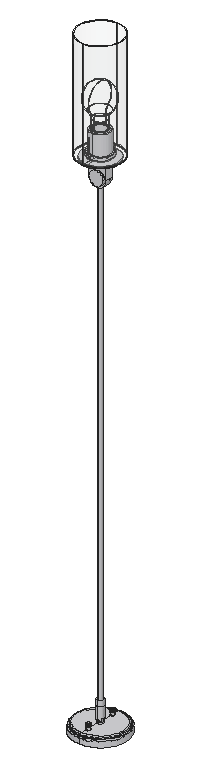
Revit family "Light_Fixture-Pendant-KOHLER-Crue-K-35876_1", category Lighting Fixtures, host Face, Revit 2021 (continued)
Definition of nested family "K-35876"
  Forms (in)
    Revolve 6, solid
      sketch origin (0, 0, 0) x (0, 1, 0) y (0, 0, 1)
        loop
          line (0.58648, 49.24812) -> (0.58648, 49.16938)
          arc (0.58648, 49.16938) -> (0.65896, 49.19941) -> (0.68898, 49.27188) r 0.1025
        axis (0, 49.16938) -> (0, 53.14563)
      angle from 0 to 360
    Revolve 7, solid, material <- "Material", detail levels coarse
      sketch origin (0, 0, 0) x (0, 1, 0) y (0, 0, 1)
        loop
          line (0.7874, 47.0748) -> (1.08313, 47.0748) -> (1.08313, 47.43001) -> (0.88628, 47.43001) -> (0.88628, 49.16938) -> (0.7874, 49.16938) -> (0.7874, 47.0748)
        axis (0, 47.0748) -> (0, 49.16938)
      angle from 0 to 360
  Lines and regions (in)
    Masking region 1
      outline origin (0, 0, 0) x (1, 0, 0) y (0, 1, 0)
        loop
          circle (0, 0) r 2.3622
    Masking region 2
      outline origin (0, 0, 0) x (1, 0, 0) y (0, 0, 1)
        loop
          line (1.9685, 56.9815) -> (-1.9685, 56.9815) -> (-1.9685, 47.04055)
          arc (-1.9685, 47.04055) -> (-1.95121, 46.99879) -> (-1.90945, 46.9815) r 0.05906
          line (-1.90945, 46.9815) -> (-1.5748, 46.9815) -> (-1.5748, 46.92913) -> (-0.7874, 46.92913) -> (-0.7874, 45.34362)
          arc (-0.7874, 45.34362) -> (0, 44.55622) -> (0.7874, 45.34362) r 0.7874
          line (0.7874, 45.34362) -> (0.7874, 46.92913) -> (1.5748, 46.92913) -> (1.5748, 46.9815) -> (1.90945, 46.9815)
          arc (1.90945, 46.9815) -> (1.95121, 46.99879) -> (1.9685, 47.04055) r 0.05906
          line (1.9685, 47.04055) -> (1.9685, 56.9815)
    Masking region 3
      outline origin (0, 0, 0) x (0, 1, 0) y (0, 0, 1)
        loop
          line (0, 56.97638) -> (-1.9685, 56.97638) -> (-1.9685, 46.9815) -> (-1.5748, 46.9815) -> (-1.5748, 46.92913) -> (-0.31496, 46.92913) -> (-0.31496, 45.98425) -> (-0.47244, 45.98425) -> (-0.47244, 44.72441) -> (-0.31496, 44.72441) -> (-0.31496, 44.55622) -> (0, 44.55622) -> (0.31496, 44.55622) -> (0.31496, 44.72441) -> (0.47244, 44.72441) -> (0.47244, 45.98425) -> (0.31496, 45.98425) -> (0.31496, 46.92913) -> (1.5748, 46.92913) -> (1.5748, 46.9815) -> (1.9685, 46.9815) -> (1.9685, 56.97638) -> (0, 56.97638)
    symbolic lines, detail levels medium+fine
      curve 1: circle (0, 0, 0) r 1.87008 normal (0, 0, 1)
      curve 2: circle (0, 0, 0) r 0.98425 normal (0, 0, 1)
      curve 3: circle (0, 0, 0) r 0.66329 normal (0, 0, 1)
      curve 4: circle (0, 0, 0) r 0.72924 normal (0, 0, 1)
      curve 5: line (-1.61469, 0, 46.9815) -> (1.62604, 0, 46.9815)
      curve 6: line (1.37795, 0, 46.92913) -> (-0.84665, 0, 46.92913)
      curve 7: arc (0.62992, 0, 45.35433) -> (0, 0, 45.98425) -> (-0.62992, 0, 45.35433) r 0.62992
      curve 8: arc (-0.62992, 0, 45.35433) -> (0, 0, 44.72441) -> (0.62992, 0, 45.35433) r 0.62992
      curve 9: circle (0, 0, 46.53263) r 0.09627 normal (0, -1, 0)
      curve 10: circle (0, 0, 46.53068) r 0.07235 normal (0, -1, 0)
      curve 11: line (0, 1.5748, 46.9815) -> (0, -1.65864, 46.9815)
      curve 12: line (0, 0.31496, 46.92913) -> (0, -0.35937, 46.92913)
      curve 13: line (0, 0.31496, 44.72441) -> (0, 0.31496, 45.98425)
      curve 14: line (0, -0.31496, 45.98425) -> (0, -0.31496, 44.72441)
      curve 15: arc (0, 0.18339, 44.55622) -> (0, -0.00016, 44.57216) -> (0, -0.18372, 44.55622) r 1.06503
      curve 16: circle (0, 0, 0) r 1.9685 normal (0, 0, 1)
  Dimensions and locks (in)
    plane 6 to plane 5 = 4.72441"
    plane 7 to plane 8 = 4.72441"
    plane 9 to level = 0.7874"
    plane 10 to level = 2.67717"
    aligned and locked: level to plane 2
Types (6): name | Type | Model | Finish
  (no name) | 4 | "K-35876-PE01-CPL" | KOHLER-Metal-CPL-Polished_Chrome
  2GL-Brushed Modern Brass | 1 | "K-35876-PE01-2GL" | KOHLER-Metal-2GL-Brushed_Modern_Brass
  BLL-Matte Black | 2 | "K-35876-PE01-BLL" | KOHLER-Metal-BLL-Matte_Black
  BNL-Brushed Nickel | 3 | "K-35876-PE01-BNL" | KOHLER-Metal-BNL-Brushed_Nickel
  CPL-Polished Chrome | 4 | "K-35876-PE01-CPL" | KOHLER-Metal-CPL-Polished_Chrome
  TTL-Titanium | 5 | "K-35876-PE01-TTL" | KOHLER-Metal-TTL-Titanium
